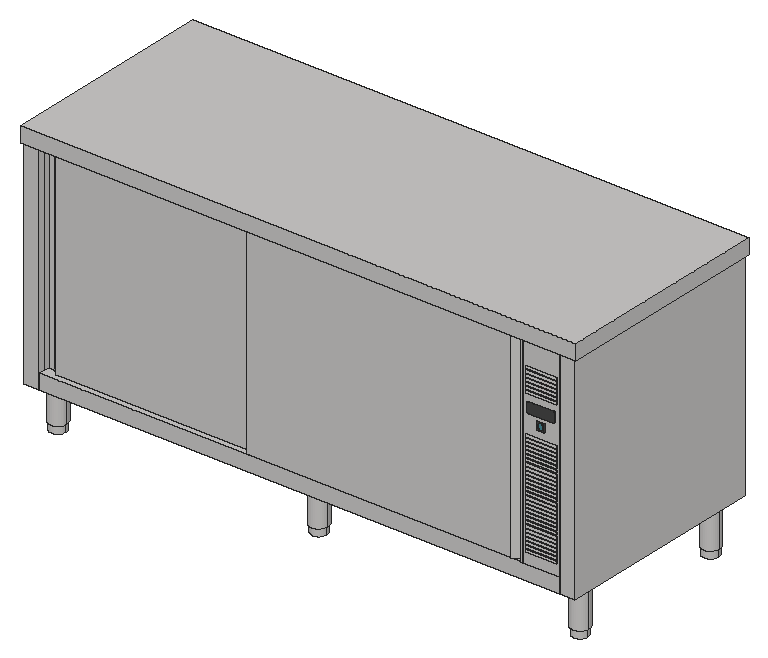
Revit family "QF_ELECTROLUXPROFESSIONAL_132799_MTCD1800PN", category Attrezzature speciali, Revit 2020
Family settings
  Quota connettore circolare = Usa diametro
  Tipo di parte = Normale
  Basato su piano di lavoro = No
  Sempre verticale = Sì
  Taglio con vuoti quando caricato = No
  Condiviso = No
  Punto di calcolo locali = No
Parameters (values of type "Standard")
  Weight = 70.00 kg
  Watts = 2400 W
  Volts = 220 V
  URL Manufacturer = "https://www.electroluxprofessional.com/"
  URL = "https://www.electroluxprofessional.com/"
  Steam Supply Size = 0 mm
  Steam Supply Minimum Pressure = 0.0 Pa
  Steam Supply Maximum Pressure = 0.0 Pa
  Steam Consumption per Hour = 0
  Refrigeration Suction Line Size = 0.0 mm
  Refrigeration Liquid Line Size = 0.0 mm
  Refrigerant Compressor Remote = yes
  Prospetto di default = 0.0 mm
  Produttore = "Electrolux Professional"
  Phase = 1
  Modello = "MTCD1800PN"
  Length Actual = 1800.0 mm  # constant formula
  Item Number = "132799"
  Hot Water Size = 0 mm
  Height Actual = 900.0 mm  # constant formula
  HP = "3.2 HP"
  Gas Size = 0 mm
  Gas KW = 0
  Gas Input Pressure = 0 W
  Direct Waste Size = 0 mm
  Descrizione = "HOT PASST.CUPB.VENT+SHELF+SLIDING D.1800"
  Depth Actual = 700.0 mm  # constant formula
  Cycle = 50 Hz
  Condensate Return Size = 0 mm
  Compressed Air Volume = 0.0 L/s
  Compressed Air Size = 0 mm
  Compressed Air Pressure = 0.0 Pa
  Cold Water Size = 0 mm
  Accessory = yes
Reference planes
  plane 1 "Center (Front/Back)": y = 0
  plane 2: z = 0
  plane 3 "Center (Left/Right)": x = -400
  plane 4 "LEFT": x = -1300
  plane 5 "RIGHT": x = 500
  plane 6 "BACK": y = 350
  plane 7 "FRONT": y = -350
  plane 8 "Base": z = 850
  plane 9 "TOP": z = 900
  plane 10: x = -1246.5
  plane 11: x = 446.5
  plane 12: y = 264.5
  plane 13: y = -264.5
  plane 14 "BodyLeft": x = -1294.5
  plane 15 "BodyFront": y = -344.5
  plane 16 "BodyRight": x = 494.5
  plane 17 "BodyBack": y = 344.5
  plane 18 "FEET": z = 150
  plane 19: x = 324.5
  plane 20: x = -461
  plane 21: x = 444.5
  plane 22: x = 400
  plane 23: y = -170
Forms (mm)
  Extrusion 1, solid, material "QF_Finishes_Stainless Steel"
    sketch origin (-400, 0, 0) x (0, 1, 0) y (0, 0, 1)
      loop
        line (-350, 850) -> (350, 850) -> (350, 900) -> (-350, 900) -> (-350, 850)
    from 900 to -900
  Extrusion 2, solid, material "QF_Finishes_Stainless Steel"
    sketch origin (0, 0, 150) x (-1, 0, 0) y (0, -1, 0)
      loop
        line (1294.5, -344.5) -> (1294.5, 344.5) -> (1244.5, 344.5) -> (1244.5, -344.5) -> (1294.5, -344.5)
      loop
        line (-444.5, -344.5) -> (-444.5, 344.5) -> (-494.5, 344.5) -> (-494.5, -344.5) -> (-444.5, -344.5)
    from 0 to 700
  Extrusion 3, solid, material "QF_Finishes_Stainless Steel"
    sketch origin (0, 0, 150) x (-1, 0, 0) y (0, -1, 0)
      loop
        line (1244.5, -344.5) -> (1244.5, 344.5) -> (-444.5, 344.5) -> (-444.5, -344.5) -> (1244.5, -344.5)
    from 0 to 50
  Extrusion 4, solid, material "QF_Finishes_Stainless Steel"
    sketch origin (-1, 0, 150) x (-1, 0, 0) y (0, -1, 0)
      loop
        line (-325.5, 344.5) -> (-325.5, 324.5) -> (570.5, 324.5) -> (570.5, 344.5) -> (-285.5, 344.5) -> (-305.5, 329.5) -> (-320.5, 329.5) -> (-320.5, 344.5) -> (-325.5, 344.5)
    from 50 to 700
  Extrusion 5, solid, material "QF_Finishes_Stainless Steel"
    sketch origin (1, 20, 150) x (1, 0, 0) y (0, 1, 0)
      loop
        line (-1245.5, -344.5) -> (-1240.5, -344.5) -> (-1240.5, -329.5) -> (-1225.5, -329.5) -> (-1205.5, -344.5) -> (-351.5, -344.5) -> (-351.5, -324.5) -> (-1245.5, -324.5) -> (-1245.5, -344.5)
    from 50 to 700
  Extrusion 6, solid, material "QF_Finishes_Stainless Steel"
    sketch origin (0, 0, 0) x (1, 0, 0) y (0, 1, 0)
      loop
        line (-1244.5, -304.5) -> (324.5, -304.5) -> (324.5, 304.5) -> (-1244.5, 304.5) -> (-1244.5, -304.5)
    from 500 to 540
  Extrusion 7, solid, material "QF_Finishes_Stainless Steel"
    sketch origin (-1, 0, 150) x (-1, 0, 0) y (0, -1, 0)
      loop
        line (-325.5, -344.5) -> (-320.5, -344.5) -> (-320.5, -329.5) -> (-305.5, -329.5) -> (-285.5, -344.5) -> (570.5, -344.5) -> (570.5, -324.5) -> (-325.5, -324.5) -> (-325.5, -344.5)
    from 50 to 700
  Extrusion 8, solid, material "QF_Finishes_Stainless Steel"
    sketch origin (1, -20, 150) x (1, 0, 0) y (0, 1, 0)
      loop
        line (-1245.5, 344.5) -> (-1245.5, 324.5) -> (-351.5, 324.5) -> (-351.5, 344.5) -> (-1205.5, 344.5) -> (-1225.5, 329.5) -> (-1240.5, 329.5) -> (-1240.5, 344.5) -> (-1245.5, 344.5)
    from 50 to 700
  Extrusion 9, solid, material "QF_Finishes_Stainless Steel"
    sketch origin (0, 0, 0) x (1, 0, 0) y (0, 1, 0)
      loop
        line (444.5, 344.5) -> (324.5, 344.5) -> (324.5, 324.5) -> (444.5, 324.5) -> (444.5, 344.5)
    from 200 to 850
  Extrusion 10, solid, material "QF_Finishes_Stainless Steel"
    sketch origin (0, 0, 150) x (-1, 0, 0) y (0, -1, 0)
      loop
        circle (-400, 170) r 10
    from 0 to -5
Cuts and joins
  joined: Extrusion 3, Extrusion 9
Lines and regions (mm)
  symbolic lines
    curve 1: line (500, 350, 900) -> (-1300, 350, 900)
    curve 2: line (-1300, 350, 900) -> (-1300, -350, 900)
    curve 3: line (-1300, -350, 900) -> (500, -350, 900)
    curve 4: line (500, -350, 900) -> (500, 350, 900)
    curve 5: line (-1300, 337, 900) -> (500, 337, 900)
  symbolic lines, style "SpecialityEquipmentHiddenLines"
    curve 6: line (-1294.5, 344.5, 150) -> (494.5, 344.5, 150)
    curve 7: line (-1294.5, -344.5, 150) -> (-1294.5, 344.5, 150)
    curve 8: line (494.5, -344.5, 150) -> (-1294.5, -344.5, 150)
    curve 9: line (494.5, 344.5, 150) -> (494.5, -344.5, 150)
    curve 10: line (-1245.5, -304.5, 150) -> (-349.5, -304.5, 150)
    curve 11: line (-349.5, -304.5, 150) -> (-349.5, -324.5, 150)
    curve 12: line (-1245.5, -324.5, 150) -> (444.5, -324.5, 150)
    curve 13: line (444.5, -324.5, 150) -> (444.5, -344.5, 150)
    curve 14: line (-1245.5, -304.5, 150) -> (-1245.5, -324.5, 150)
    curve 15: line (-571.5, -344.5, 0) -> (-571.5, -324.5, 0)
    curve 16: line (-1245.5, 304.5, 150) -> (-349.5, 304.5, 150)
    curve 17: line (-1245.5, 324.5, 150) -> (444.5, 324.5, 150)
    curve 18: line (-571.5, 344.5, 0) -> (-571.5, 324.5, 0)
    curve 19: line (-350.5, 304.5, 0) -> (-350.5, 324.5, 0)
Dimensions and locks
  plane 4 "LEFT" to plane 5 "RIGHT" = 1800.0 mm
  equal spacing: plane 4 "LEFT", plane 3 "Center (Left/Right)", plane 5 "RIGHT"
  locked: plane 8 "Base" to level at 850
  locked: plane 9 "TOP" to level at 900
  plane 6 "BACK" to plane 7 "FRONT" = 700.0 mm
  equal spacing: plane 6 "BACK", plane 1 "Center (Front/Back)", plane 7 "FRONT"
  locked: plane 4 "LEFT" to plane 14 "BodyLeft" at 5.5
  locked: plane 16 "BodyRight" to plane 5 "RIGHT" at 5.5
  locked: plane 15 "BodyFront" to plane 7 "FRONT" at 5.5
  locked: plane 6 "BACK" to plane 17 "BodyBack" at 5.5
  locked: plane 14 "BodyLeft" to plane 10 at 48
  locked: plane 11 to plane 16 "BodyRight" at 48
  locked: plane 13 to plane 15 "BodyFront" at 80
  locked: plane 17 "BodyBack" to plane 12 at 80
  plane 10 to plane 11 = 1693.0 mm
  plane 12 to plane 13 = 529.0 mm
  locked: plane 14 "BodyLeft" to Extrusion 2 sketch curve at 50
  locked: Extrusion 2 sketch curve to Extrusion 2 sketch curve at 50
  equal spacing: plane 10, plane 20, plane 19
  locked: plane 21 to plane 16 "BodyRight" at 50
  locked: plane 19 to plane 21 at 120
  locked: Extrusion 4 sketch curve to plane 20 at 110.5
  locked: plane 20 to Extrusion 5 sketch curve at 110.5
  locked: plane 18 "FEET" to level at 150
  locked: plane 22 to plane 5 "RIGHT" at 100
  locked: plane 23 to plane 7 "FRONT" at 180
  aligned and locked: level to plane 2
  aligned and locked: plane 10 to nested 1
  aligned and locked: nested 1 to plane 13
  aligned and locked: plane 11 to nested 2
  aligned and locked: nested 2 to plane 13
  aligned and locked: plane 11 to nested 4
  aligned and locked: nested 4 to plane 12
  aligned and locked: plane 10 to nested 3
  aligned and locked: nested 3 to plane 12
  aligned and locked: Extrusion 1 to plane 4 "LEFT"
  aligned and locked: plane 5 "RIGHT" to Extrusion 1
  aligned and locked: curve 2 to plane 4 "LEFT"
  aligned and locked: plane 17 "BodyBack" to Extrusion 2 sketch curve
  aligned and locked: Extrusion 2 sketch curve to plane 15 "BodyFront"
  aligned and locked: Extrusion 2 sketch curve to plane 14 "BodyLeft"
  aligned and locked: plane 16 "BodyRight" to Extrusion 2 sketch curve
  aligned and locked: Extrusion 2 sketch curve to plane 17 "BodyBack"
  aligned and locked: plane 15 "BodyFront" to Extrusion 2 sketch curve
  aligned and locked: Extrusion 3 sketch curve to plane 17 "BodyBack"
  aligned and locked: plane 15 "BodyFront" to Extrusion 3 sketch curve
  aligned and locked: plane 8 "Base" to Extrusion 2
  aligned and locked: plane 8 "Base" to Extrusion 4
  aligned and locked: Extrusion 4 to Extrusion 3
  aligned and locked: Extrusion 1 to plane 8 "Base"
  aligned and locked: plane 9 "TOP" to Extrusion 1
  aligned and locked: curve 6 to plane 17 "BodyBack"
  aligned and locked: plane 14 "BodyLeft" to curve 7
  aligned and locked: plane 15 "BodyFront" to curve 8
  aligned and locked: plane 16 "BodyRight" to curve 9
  aligned and locked: Extrusion 3 to Extrusion 2  (x2)
  aligned and locked: Extrusion 6 sketch curve to Extrusion 2
  aligned and locked: Extrusion 6 sketch curve to Extrusion 5
  aligned and locked: curve 19 to Extrusion 8
  aligned and locked: curve 18 to Extrusion 7
  aligned and locked: nested 5 to plane 21
  aligned and locked: Extrusion 6 sketch curve to plane 19
  aligned and locked: plane 3 "Center (Left/Right)" to nested 6
  aligned and locked: plane 3 "Center (Left/Right)" to nested 7
Automatic sketch dimensions
  Extrusion 7 sketch curve to plane 19 = 0.0 mm
  Extrusion 7 sketch curve to plane 17 "BodyBack" = 0.0 mm  (x2)
  Extrusion 7 sketch curve to Extrusion 7 sketch curve = 5.0 mm
  Extrusion 7 sketch curve to Extrusion 7 sketch curve = 15.0 mm
  Extrusion 7 sketch curve to Extrusion 7 sketch curve = 20.0 mm
  plane 17 "BodyBack" to Extrusion 7 sketch curve = 20.0 mm
  plane 20 to Extrusion 7 sketch curve = 110.5 mm
  plane 17 "BodyBack" to Extrusion 7 sketch curve = 15.0 mm
  curve 15 to plane 15 "BodyFront" = 0.0 mm
  plane 15 "BodyFront" to curve 15 = 20.0 mm
  curve 15 to plane 20 = 110.5 mm
  curve 3 to plane 7 "FRONT" = 0.0 mm
  curve 5 to plane 5 "RIGHT" = 0.0 mm
  curve 4 to plane 6 "BACK" = 0.0 mm
  curve 5 to plane 17 "BodyBack" = 7.5 mm
  Extrusion 1 sketch curve to plane 7 "FRONT" = 0.0 mm
  Extrusion 1 sketch curve to plane 6 "BACK" = 0.0 mm
  Extrusion 1 sketch curve to plane 8 "Base" = 0.0 mm
  Extrusion 1 sketch curve to plane 9 "TOP" = 0.0 mm
  Extrusion 3 sketch curve to plane 21 = 0.0 mm
  plane 10 to Extrusion 3 sketch curve = 2.0 mm
  Extrusion 4 sketch curve to plane 19 = 0.0 mm
  Extrusion 4 sketch curve to plane 15 "BodyFront" = 0.0 mm  (x2)
  Extrusion 4 sketch curve to Extrusion 4 sketch curve = 5.0 mm
  Extrusion 4 sketch curve to Extrusion 4 sketch curve = 15.0 mm  (x2)
  Extrusion 4 sketch curve to Extrusion 4 sketch curve = 20.0 mm  (x2)
  Extrusion 5 sketch curve to plane 15 "BodyFront" = 20.0 mm  (x2)
  Extrusion 5 sketch curve to plane 10 = 42.0 mm
  Extrusion 5 sketch curve to plane 10 = 22.0 mm
  Extrusion 5 sketch curve to plane 10 = 7.0 mm
  Extrusion 5 sketch curve to plane 10 = 2.0 mm
  Extrusion 5 sketch curve to Extrusion 5 sketch curve = 15.0 mm
  Extrusion 5 sketch curve to Extrusion 5 sketch curve = 20.0 mm
  curve 13 to plane 21 = 0.0 mm
  curve 17 to plane 21 = 0.0 mm
  curve 8 to plane 15 "BodyFront" = 0.0 mm
  plane 3 "Center (Left/Right)" to curve 10 = 50.5 mm
  plane 10 to curve 12 = 1.0 mm
  plane 15 "BodyFront" to curve 10 = 40.0 mm
  curve 12 to curve 13 = 20.0 mm
  plane 3 "Center (Left/Right)" to curve 16 = 50.5 mm
  plane 10 to curve 17 = 1.0 mm
  plane 10 to curve 16 = 1.0 mm
  curve 17 to plane 17 "BodyBack" = 20.0 mm
  plane 12 to curve 16 = 40.0 mm
  plane 12 to Extrusion 6 sketch curve = 40.0 mm
  plane 10 to Extrusion 8 sketch curve = 2.0 mm
  Extrusion 8 sketch curve to Extrusion 8 sketch curve = 5.0 mm
  Extrusion 8 sketch curve to Extrusion 8 sketch curve = 15.0 mm  (x2)
  Extrusion 8 sketch curve to plane 17 "BodyBack" = 20.0 mm  (x2)
  Extrusion 8 sketch curve to Extrusion 8 sketch curve = 20.0 mm  (x2)
  plane 3 "Center (Left/Right)" to Extrusion 8 sketch curve = 49.5 mm
  curve 18 to plane 17 "BodyBack" = 0.0 mm
  curve 18 to plane 17 "BodyBack" = 20.0 mm
  plane 12 to curve 19 = 40.0 mm
  curve 19 to curve 19 = 20.0 mm
  Extrusion 9 sketch curve to plane 17 "BodyBack" = 0.0 mm
  Extrusion 9 sketch curve to plane 19 = 0.0 mm
  Extrusion 9 sketch curve to plane 21 = 0.0 mm
  Extrusion 9 sketch curve to plane 17 "BodyBack" = 20.0 mm
  Extrusion 10 sketch curve to plane 22 = 0.0 mm
  Extrusion 10 sketch curve to plane 23 = 0.0 mm
  radius of Extrusion 10 sketch curve = 10.0 mm
Nested families
  nested 1: "FEET_D58-150" at (-1246.5, -264.5, 0), type "FEET_D58-150"
  nested 2: "FEET_D58-150" at (446.5, -264.5, 0), type "FEET_D58-150"
  nested 3: "FEET_D58-150" at (-1246.5, 264.5, 0), type "FEET_D58-150"
  nested 4: "FEET_D58-150" at (446.5, 264.5, 0), type "FEET_D58-150"
  nested 5: "WT_PNL120x650" at (531.42, -304.5, 600) x (1, 0, 0) z (0, -1, 0), type "WT_PNL120x650"
    with Show Logo yes
  nested 6: "FEET_D58-150" at (-400, -264.5, 0), type "FEET_D58-150"
  nested 7: "FEET_D58-150" at (-400, 264.5, 0), type "FEET_D58-150"
Connectors
  electrical at (400, -170, 145)
    settings: on Extrusion 10, index 1, voltage 0 V, apparent load 0 VA, apparent load phase1 0 VA, apparent load phase2 0 VA, apparent load phase3 0 VA, power factor 1, load classification "Other", number of poles 1, system type 30, power factor state 1, is connector primary yes, connector utility no, sub classification motor no, connector description "Electrical connection"
Definition of nested family "FEET_D58-150"
  Parameters
    Default Elevation = 0.0 mm
    FEET = 150.0 mm
  Reference planes
    plane 1 "Center (Front/Back)": y = 0
    plane 2: z = 0
    plane 3 "Center (Left/Right)": x = 0
    plane 4: z = 150
  Forms (mm)
    Extrusion 1, solid
      sketch origin (0, 0, 0) x (1, 0, 0) y (0, 1, 0)
        loop
          circle (0, 0) r 25
      from 0 to 25
    Extrusion 2, solid
      sketch origin (0, 0, 0) x (1, 0, 0) y (0, 1, 0)
        loop
          circle (0.061, 0) r 29
      from 25 to 150 <- "FEET"
  Lines and regions (mm)
    symbolic lines
      curve 1: line (0, -1.503, 0) -> (0, 1.508, 0)
      curve 2: line (1.561, 0, 0) -> (-1.439, 0, 0)
  Dimensions and locks
    "FEET": plane 4 to plane 2
    aligned and locked: level to plane 2
  Automatic sketch dimensions
    plane 1 "Center (Front/Back)" to Extrusion 1 sketch curve = 0.0 mm
    Extrusion 1 sketch curve to plane 3 "Center (Left/Right)" = 0.0 mm
    plane 1 "Center (Front/Back)" to curve 2 = 0.0 mm
    curve 1 to plane 3 "Center (Left/Right)" = 0.0 mm
    curve 2 to plane 3 "Center (Left/Right)" = 1.439 mm
    plane 3 "Center (Left/Right)" to curve 2 = 1.561 mm
    plane 1 "Center (Front/Back)" to curve 1 = 1.503 mm
    curve 1 to plane 1 "Center (Front/Back)" = 1.508 mm
    plane 1 "Center (Front/Back)" to Extrusion 2 sketch curve = 0.0 mm
    plane 3 "Center (Left/Right)" to Extrusion 2 sketch curve = 0.061 mm
    radius of Extrusion 1 sketch curve = 25.0 mm
    radius of Extrusion 2 sketch curve = 29.0 mm
Definition of nested family "WT_PNL120x650"
  Parameters
    Show Logo [instance] = yes
    Default Elevation = 1219.2 mm
  Reference planes
    plane 1 "Center (Front/Back)": y = -75
    plane 2: z = 0
    plane 3 "Center (Left/Right)": x = -146.92
    plane 4: x = -206.92
    plane 5: x = -86.92
    plane 6: y = 250
    plane 7: y = -400
    plane 8 "TOP": z = 40
  Forms (mm)
    Extrusion 1, solid
      sketch origin (0, 0, 0) x (1, 0, 0) y (0, 1, 0)
        loop
          line (-1219.2, 1219.2) -> (-1219.2, -1219.2) -> (1219.2, -1219.2) -> (1219.2, 1219.2) -> (-1219.2, 1219.2)
      from 0 to -304.8
    Extrusion 2, solid
      sketch origin (0, 0, 0) x (1, 0, 0) y (0, 1, 0)
        loop
          line (-206.92, 250) -> (-206.92, -400) -> (-86.92, -400) -> (-86.92, 250) -> (-206.92, 250)
      from 0 to 40
    Extrusion 3, void
      sketch origin (0, 0, 40) x (-1, 0, 0) y (0, -1, 0)
        loop
          arc (101.92, -68.899) -> (103.795, -73.256) -> (108.247, -74.89) r 6
          line (108.247, -74.89) -> (185.92, -74.89)
          arc (185.92, -74.89) -> (190.163, -73.133) -> (191.92, -68.89) r 6
          line (191.92, -68.89) -> (191.92, -45.89)
          arc (191.92, -45.89) -> (190.163, -41.648) -> (185.92, -39.89) r 6
          line (185.92, -39.89) -> (107.92, -39.89)
          arc (107.92, -39.89) -> (103.677, -41.648) -> (101.92, -45.89) r 6
          line (101.92, -45.89) -> (101.92, -68.899)
        loop
          line (158.92, -27.89) -> (158.92, -2.89) -> (134.92, -2.89) -> (134.92, -27.89) -> (158.92, -27.89)
      from -2 to 0
    Extrusion 4, solid
      sketch origin (0, 0, 40) x (-1, 0, 0) y (0, -1, 0)
        loop
          line (185.92, -39.89) -> (107.92, -39.89)
          arc (107.92, -39.89) -> (103.677, -41.648) -> (101.92, -45.89) r 6
          line (101.92, -45.89) -> (101.92, -68.899)
          arc (101.92, -68.899) -> (103.795, -73.256) -> (108.247, -74.89) r 6
          line (108.247, -74.89) -> (185.92, -74.89)
          arc (185.92, -74.89) -> (190.163, -73.133) -> (191.92, -68.89) r 6
          line (191.92, -68.89) -> (191.92, -45.89)
          arc (191.92, -45.89) -> (190.163, -41.648) -> (185.92, -39.89) r 6
      from -2 to 1
    Extrusion 5, solid
      sketch origin (-146.92, 0, 0) x (0, 1, 0) y (0, 0, 1)
        loop
          line (95.896, 40) -> (104.899, 40) -> (95.896, 41.206) -> (95.896, 40)
        loop
          line (107.896, 40) -> (116.899, 40) -> (107.896, 41.206) -> (107.896, 40)
        loop
          line (119.896, 40) -> (128.899, 40) -> (119.896, 41.206) -> (119.896, 40)
        loop
          line (131.896, 40) -> (140.899, 40) -> (131.896, 41.206) -> (131.896, 40)
        loop
          line (143.896, 40) -> (152.899, 40) -> (143.896, 41.206) -> (143.896, 40)
        loop
          line (155.896, 40) -> (164.899, 40) -> (155.896, 41.206) -> (155.896, 40)
        loop
          line (167.896, 40) -> (176.899, 40) -> (167.896, 41.206) -> (167.896, 40)
        loop
          line (-102.104, 40) -> (-93.101, 40) -> (-102.104, 41.206) -> (-102.104, 40)
        loop
          line (-90.104, 40) -> (-81.101, 40) -> (-90.104, 41.206) -> (-90.104, 40)
        loop
          line (-78.104, 40) -> (-69.101, 40) -> (-78.104, 41.206) -> (-78.104, 40)
        loop
          line (-66.104, 40) -> (-57.101, 40) -> (-66.104, 41.206) -> (-66.104, 40)
        loop
          line (-54.104, 40) -> (-45.101, 40) -> (-54.104, 41.206) -> (-54.104, 40)
        loop
          line (-42.104, 40) -> (-33.101, 40) -> (-42.104, 41.206) -> (-42.104, 40)
        loop
          line (-30.104, 40) -> (-21.101, 40) -> (-30.104, 41.206) -> (-30.104, 40)
        loop
          line (-174.104, 40) -> (-165.101, 40) -> (-174.104, 41.206) -> (-174.104, 40)
        loop
          line (-162.104, 40) -> (-153.101, 40) -> (-162.104, 41.206) -> (-162.104, 40)
        loop
          line (-150.104, 40) -> (-141.101, 40) -> (-150.104, 41.206) -> (-150.104, 40)
        loop
          line (-138.104, 40) -> (-129.101, 40) -> (-138.104, 41.206) -> (-138.104, 40)
        loop
          line (-126.104, 40) -> (-117.101, 40) -> (-126.104, 41.206) -> (-126.104, 40)
        loop
          line (-114.104, 40) -> (-105.101, 40) -> (-114.104, 41.206) -> (-114.104, 40)
        loop
          line (-246.104, 40) -> (-237.101, 40) -> (-246.104, 41.206) -> (-246.104, 40)
        loop
          line (-234.104, 40) -> (-225.101, 40) -> (-234.104, 41.206) -> (-234.104, 40)
        loop
          line (-222.104, 40) -> (-213.101, 40) -> (-222.104, 41.206) -> (-222.104, 40)
        loop
          line (-210.104, 40) -> (-201.101, 40) -> (-210.104, 41.206) -> (-210.104, 40)
        loop
          line (-198.104, 40) -> (-189.101, 40) -> (-198.104, 41.206) -> (-198.104, 40)
        loop
          line (-186.104, 40) -> (-177.101, 40) -> (-186.104, 41.206) -> (-186.104, 40)
        loop
          line (-318.104, 40) -> (-309.101, 40) -> (-318.104, 41.206) -> (-318.104, 40)
        loop
          line (-306.104, 40) -> (-297.101, 40) -> (-306.104, 41.206) -> (-306.104, 40)
        loop
          line (-294.104, 40) -> (-285.101, 40) -> (-294.104, 41.206) -> (-294.104, 40)
        loop
          line (-282.104, 40) -> (-273.101, 40) -> (-282.104, 41.206) -> (-282.104, 40)
        loop
          line (-270.104, 40) -> (-261.101, 40) -> (-270.104, 41.206) -> (-270.104, 40)
        loop
          line (-258.104, 40) -> (-249.101, 40) -> (-258.104, 41.206) -> (-258.104, 40)
        loop
          line (-366.104, 40) -> (-357.101, 40) -> (-366.104, 41.206) -> (-366.104, 40)
        loop
          line (-354.104, 40) -> (-345.101, 40) -> (-354.104, 41.206) -> (-354.104, 40)
        loop
          line (-342.104, 40) -> (-333.101, 40) -> (-342.104, 41.206) -> (-342.104, 40)
        loop
          line (-330.104, 40) -> (-321.101, 40) -> (-330.104, 41.206) -> (-330.104, 40)
      from -50 to 50
    Extrusion 6, solid
      sketch origin (0, 0, 40) x (-1, 0, 0) y (0, -1, 0)
        loop
          line (134.92, -27.89) -> (158.92, -27.89) -> (158.92, -2.89) -> (134.92, -2.89) -> (134.92, -27.89)
        loop
          circle (146.92, -15.39) r 9
      from -2 to 3
    Extrusion 7, solid
      sketch origin (0, 0, 40) x (-1, 0, 0) y (0, -1, 0)
        loop
          circle (146.92, -15.39) r 9
      from 0 to 3
  Cuts and joins
    Extrusion 3 cuts Extrusion 2
  Dimensions and locks
    equal spacing: plane 6, plane 1 "Center (Front/Back)", plane 7
    equal spacing: plane 4, plane 3 "Center (Left/Right)", plane 5
    plane 8 "TOP" to level = 40.0 mm
    aligned and locked: plane 2 to Extrusion 1
    aligned and locked: level to Extrusion 1
  Automatic sketch dimensions
    Extrusion 1 sketch curve to Extrusion 1 sketch curve = 2438.4 mm  (x2)
    Extrusion 2 sketch curve to plane 4 = 0.0 mm
    Extrusion 2 sketch curve to plane 5 = 0.0 mm
    Extrusion 2 sketch curve to plane 7 = 0.0 mm
    Extrusion 2 sketch curve to plane 6 = 0.0 mm
    Extrusion 5 sketch curve to plane 8 "TOP" = 0.0 mm  (x36)
    Extrusion 5 sketch curve to Extrusion 5 sketch curve = 9.003 mm  (x35)
    plane 8 "TOP" to Extrusion 5 sketch curve = 1.206 mm  (x22)
    Extrusion 5 sketch curve to Extrusion 5 sketch curve = 2.997 mm  (x33)
    plane 1 "Center (Front/Back)" to Extrusion 5 sketch curve = 6.101 mm
    plane 1 "Center (Front/Back)" to Extrusion 5 sketch curve = 3.104 mm
    Extrusion 5 sketch curve to plane 1 "Center (Front/Back)" = 5.899 mm
    Extrusion 5 sketch curve to Extrusion 5 sketch curve = 116.997 mm
    Extrusion 5 sketch curve to Extrusion 5 sketch curve = 1.206 mm  (x14)
    Extrusion 4 sketch curve to plane 5 = 15.0 mm
    Extrusion 4 sketch curve to Extrusion 4 sketch curve = 6.0 mm  (x3)
    Extrusion 4 sketch curve to Extrusion 4 sketch curve = 0.327 mm
    plane 4 to Extrusion 4 sketch curve = 21.0 mm  (x2)
    Extrusion 4 sketch curve to plane 1 "Center (Front/Back)" = 149.89 mm
    Extrusion 4 sketch curve to Extrusion 4 sketch curve = 23.009 mm
    Extrusion 3 sketch curve to plane 5 = 15.0 mm
    Extrusion 3 sketch curve to Extrusion 3 sketch curve = 6.0 mm  (x3)
    Extrusion 3 sketch curve to Extrusion 3 sketch curve = 0.327 mm
    plane 3 "Center (Left/Right)" to Extrusion 3 sketch curve = 12.0 mm
    Extrusion 3 sketch curve to plane 3 "Center (Left/Right)" = 12.0 mm
    plane 4 to Extrusion 3 sketch curve = 21.0 mm  (x2)
    Extrusion 3 sketch curve to plane 1 "Center (Front/Back)" = 149.89 mm
    Extrusion 3 sketch curve to Extrusion 3 sketch curve = 23.0 mm
    Extrusion 3 sketch curve to Extrusion 3 sketch curve = 12.0 mm
    Extrusion 3 sketch curve to Extrusion 3 sketch curve = 25.0 mm
    Extrusion 6 sketch curve to plane 3 "Center (Left/Right)" = 0.0 mm
    plane 3 "Center (Left/Right)" to Extrusion 6 sketch curve = 12.0 mm
    Extrusion 6 sketch curve to plane 3 "Center (Left/Right)" = 12.0 mm
    Extrusion 6 sketch curve to plane 1 "Center (Front/Back)" = 102.89 mm
    Extrusion 6 sketch curve to Extrusion 6 sketch curve = 12.5 mm  (x2)
    Extrusion 7 sketch curve to plane 3 "Center (Left/Right)" = 0.0 mm
    Extrusion 7 sketch curve to plane 1 "Center (Front/Back)" = 90.39 mm
    radius of Extrusion 6 sketch curve = 9.0 mm
    radius of Extrusion 7 sketch curve = 9.0 mm
